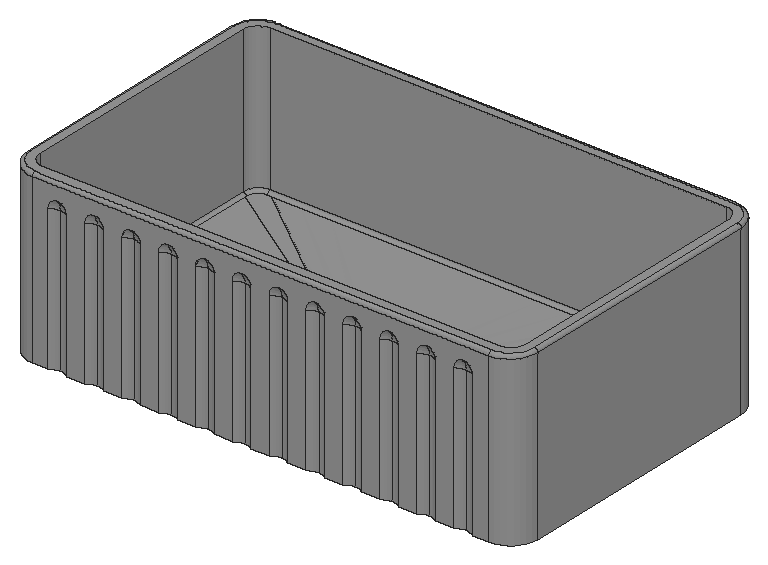
Revit family "BUILDMAT-SFFSSW07-Elodie-Farmhouse-Fireclay-Sink-Gloss_White-Face_Based", category Generic Models, host Face, Revit 2026
Family settings
  Host = Face
  Can host rebar = No
  Round Connector Dimension = Use Diameter
  Part Type = Normal
  Cut with Voids When Loaded = No
  Maintain Annotation Orientation = No
  Shared = No
  Room Calculation Point = No
Parameters
  Undermount [instance] = 20 mm
  Default Elevation = 1219.2 mm
Reference planes
  plane 1 "Center (Front/Back)": y = 0
  plane 2: z = 0
  plane 3 "Center (Left/Right)": x = 0
  plane 4: y = 229.5
  plane 5: y = 211.5
  plane 6: y = -211.5
  plane 7: y = -229.5
  plane 8: z = -274
  plane 9: z = -250
  plane 10: z = -240
  plane 11: y = 65
  plane 12: y = 45
  plane 13: y = -45
  plane 14: y = -65
  plane 15: x = -380
  plane 16: x = -362
  plane 17: x = 362
  plane 18: x = 380
  plane 19: x = -65
  plane 20: x = -45
  plane 21: x = 45
  plane 22: x = 65
Forms (mm)
  Extrusion 1, void
    sketch origin (0, 0, 0) x (1, 0, 0) y (0, 1, 0)
      loop
        arc (-340, 229.5) -> (-368.284, 217.784) -> (-380, 189.5) r 40
        line (-380, 189.5) -> (-380, -189.5)
        arc (-380, -189.5) -> (-368.284, -217.784) -> (-340, -229.5) r 40
        line (-340, -229.5) -> (340, -229.5)
        arc (340, -229.5) -> (368.284, -217.784) -> (380, -189.5) r 40
        line (380, -189.5) -> (380, 189.5)
        arc (380, 189.5) -> (368.284, 217.784) -> (340, 229.5) r 40
        line (340, 229.5) -> (-340, 229.5)
    from -290 to 0
Text (mm)
  text "Refer to www.buildmat.com.au for the most current product literature. \nAllow a +/- 5mm tolerance for dimensions shown in the product literature. \nPlease note product details are subject to change due to ongoing product development." at (14.796, -1077.528, 0), in view "Ref. Level"
Dimensions and locks
  "Undermount": host face to nested 1
  nested 1 to nested 1 = 760 mm
  nested 1 to nested 1 = 724 mm
  nested 1 to nested 1 = 459 mm
  nested 1 to nested 1 = 423 mm
  nested 1 to plane 8 = 254 mm
  nested 1 to nested 1 = 230 mm
  nested 1 to nested 1 = 220 mm
  nested 1 to nested 1 = 130 mm
  nested 1 to nested 1 = 90 mm
  aligned and locked: plane 2 to host face
  aligned and locked: level to host face
Automatic sketch dimensions
  host sketch curve to host sketch curve = 2438.4 mm  (x2)
  plane 1 "Center (Front/Back)" to Extrusion 1 sketch curve = 189.5 mm
  Extrusion 1 sketch curve to plane 3 "Center (Left/Right)" = 380 mm
  Extrusion 1 sketch curve to Extrusion 1 sketch curve = 40 mm  (x3)
  plane 3 "Center (Left/Right)" to Extrusion 1 sketch curve = 340 mm  (x2)
  Extrusion 1 sketch curve to plane 1 "Center (Front/Back)" = 189.5 mm
Nested families
  nested 1: "BUILDMAT-SFFSSW07-Elodie-Farmhouse-Fireclay-Sink-Gloss_White" at (0, 0, -20), type "BUILDMAT-SFFSSW07-Elodie-Farmhouse-Fireclay-Sink-Gloss_White"
Definition of nested family "BUILDMAT-SFFSSW07-Elodie-Farmhouse-Fireclay-Sink-Gloss_White"
  Parameters (values of type "BUILDMAT-SFFSSW07-Elodie-Farmhouse-Fireclay-Sink-Gloss_White")
    Width = 459 mm
    Material = none
    Length = 760 mm
    Depth = 254 mm
    Default Elevation = 0 mm
  Reference planes
    plane 1 "Center (Front/Back)": y = 0
    plane 2: z = 0
    plane 3 "Center (Left/Right)": x = 0
    plane 4: x = -380
    plane 5: x = -362
    plane 6: x = 362
    plane 7: x = 380
    plane 8: y = 229.5
    plane 9: y = 211.5
    plane 10: y = -211.5
    plane 11: y = -229.5
    plane 12: z = -254
    plane 13: x = -65
    plane 14: x = 65
    plane 15: z = -230
    plane 16: z = -220
    plane 17: x = 45
    plane 18: x = -45
    plane 19: y = 65
    plane 20: y = 45
    plane 21: y = -45
    plane 22: y = -65
  Forms (mm)
    Extrusion 1, solid, material <- "Material"
      sketch origin (0, 0, 20) x (1, 0, 0) y (0, 1, 0)
        loop
          arc (-340, 229.5) -> (-368.284, 217.784) -> (-380, 189.5) r 40
          line (-380, 189.5) -> (-380, -189.5)
          arc (-380, -189.5) -> (-368.284, -217.784) -> (-340, -229.5) r 40
          line (-340, -229.5) -> (340, -229.5)
          arc (340, -229.5) -> (368.284, -217.784) -> (380, -189.5) r 40
          line (380, -189.5) -> (380, 189.5)
          arc (380, 189.5) -> (368.284, 217.784) -> (340, 229.5) r 40
          line (340, 229.5) -> (-340, 229.5)
      from -274 to -20
    Extrusion 2, void
      sketch origin (0, 0, 20) x (1, 0, 0) y (0, 1, 0)
        loop
          line (340, 211.5) -> (-340, 211.5)
          arc (-340, 211.5) -> (-355.556, 205.056) -> (-362, 189.5) r 22
          line (-362, 189.5) -> (-362, -189.5)
          arc (-362, -189.5) -> (-355.556, -205.056) -> (-340, -211.5) r 22
          line (-340, -211.5) -> (340, -211.5)
          arc (340, -211.5) -> (355.556, -205.056) -> (362, -189.5) r 22
          line (362, -189.5) -> (362, 189.5)
          arc (362, 189.5) -> (355.556, 205.056) -> (340, 211.5) r 22
      from -240 to 0
    Blend 3, void
      base sketch origin (0, 0, 20) x (1, 0, 0) y (0, 1, 0)
        loop
          circle (0, 0) r 65
      top sketch origin (0, 0, 20) x (1, 0, 0) y (0, 1, 0)
        loop
          line (-362, 189.5) -> (-362, -189.5)
          arc (-362, -189.5) -> (-355.556, -205.056) -> (-340, -211.5) r 22
          line (-340, -211.5) -> (340, -211.5)
          arc (340, -211.5) -> (355.556, -205.056) -> (362, -189.5) r 22
          line (362, -189.5) -> (362, 189.5)
          arc (362, 189.5) -> (355.556, 205.056) -> (340, 211.5) r 22
          line (340, 211.5) -> (-340, 211.5)
          arc (-340, 211.5) -> (-355.556, 205.056) -> (-362, 189.5) r 22
      from -250 to -240
    Revolve 4, void
      sketch origin (0, 0, -10) x (1, 0, 0) y (0, 0, 1)
        loop
          line (0, -220) -> (-65, -220)
          arc (-65, -220) -> (-50.858, -225.858) -> (-45, -240) r 20
          line (-45, -240) -> (-45, -244) -> (0, -244) -> (0, -220)
        axis (0, -244) -> (0, -220)
      angle from 0 to 360
    Sweep 5, void
      path in 3D
        loop
          arc (380, 189.5, 0) -> (368.284, 217.784, 0) -> (340, 229.5, 0) r 40
          line (340, 229.5, 0) -> (-340, 229.5, 0)
          arc (-340, 229.5, 0) -> (-368.284, 217.784, 0) -> (-380, 189.5, 0) r 40
          line (-380, 189.5, 0) -> (-380, -189.5, 0)
          arc (-380, -189.5, 0) -> (-368.284, -217.784, 0) -> (-340, -229.5, 0) r 40
          line (-340, -229.5, 0) -> (340, -229.5, 0)
          arc (340, -229.5, 0) -> (368.284, -217.784, 0) -> (380, -189.5, 0) r 40
          line (380, -189.5, 0) -> (380, 189.5, 0)
      profile origin (380, 0, 0) x (-1, 0, 0) y (0, 0, 1)
        loop
          line (0, 0) -> (0, -5)
          arc (0, -5) -> (1.464, -1.464) -> (5, 0) r 5
          line (5, 0) -> (0, 0)
    Revolve 6, void
      sketch origin (-303.75, 2.667, 19.102) x (0, 1, 0) y (0, 0, 1)
        loop
          line (-249.167, -273.102) -> (-227.167, -273.102) -> (-227.167, -58.318)
          arc (-227.167, -58.318) -> (-233.611, -42.762) -> (-249.167, -36.318) r 22
          line (-249.167, -36.318) -> (-249.167, -273.102)
        axis (-249.167, -36.318) -> (-249.167, -273.102)
      angle from 0 to 360
    Revolve 7, void
      sketch origin (-248.75, 2.667, 19.102) x (0, 1, 0) y (0, 0, 1)
        loop
          line (-249.167, -273.102) -> (-227.167, -273.102) -> (-227.167, -58.318)
          arc (-227.167, -58.318) -> (-233.611, -42.762) -> (-249.167, -36.318) r 22
          line (-249.167, -36.318) -> (-249.167, -273.102)
        axis (-249.167, -36.318) -> (-249.167, -273.102)
      angle from 0 to 360
    Revolve 8, void
      sketch origin (-193.75, 2.667, 19.102) x (0, 1, 0) y (0, 0, 1)
        loop
          line (-249.167, -273.102) -> (-227.167, -273.102) -> (-227.167, -58.318)
          arc (-227.167, -58.318) -> (-233.611, -42.762) -> (-249.167, -36.318) r 22
          line (-249.167, -36.318) -> (-249.167, -273.102)
        axis (-249.167, -36.318) -> (-249.167, -273.102)
      angle from 0 to 360
    Revolve 9, void
      sketch origin (-138.75, 2.667, 19.102) x (0, 1, 0) y (0, 0, 1)
        loop
          line (-249.167, -273.102) -> (-227.167, -273.102) -> (-227.167, -58.318)
          arc (-227.167, -58.318) -> (-233.611, -42.762) -> (-249.167, -36.318) r 22
          line (-249.167, -36.318) -> (-249.167, -273.102)
        axis (-249.167, -36.318) -> (-249.167, -273.102)
      angle from 0 to 360
    Revolve 10, void
      sketch origin (-83.75, 2.667, 19.102) x (0, 1, 0) y (0, 0, 1)
        loop
          line (-249.167, -273.102) -> (-227.167, -273.102) -> (-227.167, -58.318)
          arc (-227.167, -58.318) -> (-233.611, -42.762) -> (-249.167, -36.318) r 22
          line (-249.167, -36.318) -> (-249.167, -273.102)
        axis (-249.167, -36.318) -> (-249.167, -273.102)
      angle from 0 to 360
    Revolve 11, void
      sketch origin (-28.75, 2.667, 19.102) x (0, 1, 0) y (0, 0, 1)
        loop
          line (-249.167, -273.102) -> (-227.167, -273.102) -> (-227.167, -58.318)
          arc (-227.167, -58.318) -> (-233.611, -42.762) -> (-249.167, -36.318) r 22
          line (-249.167, -36.318) -> (-249.167, -273.102)
        axis (-249.167, -36.318) -> (-249.167, -273.102)
      angle from 0 to 360
    Revolve 12, void
      sketch origin (26.25, 2.667, 19.102) x (0, 1, 0) y (0, 0, 1)
        loop
          line (-249.167, -273.102) -> (-227.167, -273.102) -> (-227.167, -58.318)
          arc (-227.167, -58.318) -> (-233.611, -42.762) -> (-249.167, -36.318) r 22
          line (-249.167, -36.318) -> (-249.167, -273.102)
        axis (-249.167, -36.318) -> (-249.167, -273.102)
      angle from 0 to 360
    Revolve 13, void
      sketch origin (81.25, 2.667, 19.102) x (0, 1, 0) y (0, 0, 1)
        loop
          line (-249.167, -273.102) -> (-227.167, -273.102) -> (-227.167, -58.318)
          arc (-227.167, -58.318) -> (-233.611, -42.762) -> (-249.167, -36.318) r 22
          line (-249.167, -36.318) -> (-249.167, -273.102)
        axis (-249.167, -36.318) -> (-249.167, -273.102)
      angle from 0 to 360
    Revolve 14, void
      sketch origin (136.25, 2.667, 19.102) x (0, 1, 0) y (0, 0, 1)
        loop
          line (-249.167, -273.102) -> (-227.167, -273.102) -> (-227.167, -58.318)
          arc (-227.167, -58.318) -> (-233.611, -42.762) -> (-249.167, -36.318) r 22
          line (-249.167, -36.318) -> (-249.167, -273.102)
        axis (-249.167, -36.318) -> (-249.167, -273.102)
      angle from 0 to 360
    Revolve 15, void
      sketch origin (191.25, 2.667, 19.102) x (0, 1, 0) y (0, 0, 1)
        loop
          line (-249.167, -273.102) -> (-227.167, -273.102) -> (-227.167, -58.318)
          arc (-227.167, -58.318) -> (-233.611, -42.762) -> (-249.167, -36.318) r 22
          line (-249.167, -36.318) -> (-249.167, -273.102)
        axis (-249.167, -36.318) -> (-249.167, -273.102)
      angle from 0 to 360
    Revolve 16, void
      sketch origin (246.25, 2.667, 19.102) x (0, 1, 0) y (0, 0, 1)
        loop
          line (-249.167, -273.102) -> (-227.167, -273.102) -> (-227.167, -58.318)
          arc (-227.167, -58.318) -> (-233.611, -42.762) -> (-249.167, -36.318) r 22
          line (-249.167, -36.318) -> (-249.167, -273.102)
        axis (-249.167, -36.318) -> (-249.167, -273.102)
      angle from 0 to 360
    Revolve 17, void
      sketch origin (301.25, 2.667, 19.102) x (0, 1, 0) y (0, 0, 1)
        loop
          line (-249.167, -273.102) -> (-227.167, -273.102) -> (-227.167, -58.318)
          arc (-227.167, -58.318) -> (-233.611, -42.762) -> (-249.167, -36.318) r 22
          line (-249.167, -36.318) -> (-249.167, -273.102)
        axis (-249.167, -36.318) -> (-249.167, -273.102)
      angle from 0 to 360
    Sweep 18, solid, material <- "Material"
      path in 3D
        loop
          arc (362, -189.5, -220) -> (355.556, -205.056, -220) -> (340, -211.5, -220) r 22
          line (340, -211.5, -220) -> (-340, -211.5, -220)
          arc (-340, -211.5, -220) -> (-355.556, -205.056, -220) -> (-362, -189.5, -220) r 22
          line (-362, -189.5, -220) -> (-362, 189.5, -220)
          arc (-362, 189.5, -220) -> (-355.556, 205.056, -220) -> (-340, 211.5, -220) r 22
          line (-340, 211.5, -220) -> (340, 211.5, -220)
          arc (340, 211.5, -220) -> (355.556, 205.056, -220) -> (362, 189.5, -220) r 22
          line (362, 189.5, -220) -> (362, -189.5, -220)
      profile origin (362, 0, -220) x (0, 0, 1) y (-1, 0, 0)
        loop
          line (0, 0) -> (5, 0)
          arc (5, 0) -> (1.356, 1.403) -> (-0.168, 4.997) r 5
          line (-0.168, 4.997) -> (0, 0)
  Cuts and joins
    Extrusion 2, Blend 3, Revolve 4, Sweep 5, Revolve 6, Revolve 7, Revolve 8, Revolve 9, Revolve 10, Revolve 11, Revolve 12, Revolve 13, Revolve 14, Revolve 15, Revolve 16, Revolve 17 cuts Extrusion 1
  Lines and regions (mm)
    sketch lines
      curve 1: line (380, -189.5, 0) -> (380, 189.5, 0)
      curve 2: arc (380, -189.5, 0) -> (368.284, -217.784, 0) -> (340, -229.5, 0) r 40
      curve 3: line (-340, -229.5, 0) -> (340, -229.5, 0)
      curve 4: arc (-340, -229.5, 0) -> (-368.284, -217.784, 0) -> (-380, -189.5, 0) r 40
      curve 5: line (340, 229.5, 0) -> (-340, 229.5, 0)
      curve 6: arc (340, 229.5, 0) -> (368.284, 217.784, 0) -> (380, 189.5, 0) r 40
      curve 7: arc (-380, 189.5, 0) -> (-368.284, 217.784, 0) -> (-340, 229.5, 0) r 40
      curve 8: line (-380, 189.5, 0) -> (-380, -189.5, 0)
      curve 9: line (362, 189.5, -220) -> (362, -189.5, -220)
      curve 10: arc (340, 211.5, -220) -> (355.556, 205.056, -220) -> (362, 189.5, -220) r 22
      curve 11: line (-340, 211.5, -220) -> (340, 211.5, -220)
      curve 12: line (-362, -189.5, -220) -> (-362, 189.5, -220)
      curve 13: arc (-340, -211.5, -220) -> (-355.556, -205.056, -220) -> (-362, -189.5, -220) r 22
      curve 14: line (340, -211.5, -220) -> (-340, -211.5, -220)
      curve 15: arc (-362, 189.5, -220) -> (-355.556, 205.056, -220) -> (-340, 211.5, -220) r 22
      curve 16: arc (362, -189.5, -220) -> (355.556, -205.056, -220) -> (340, -211.5, -220) r 22
  Text (mm)
    text "Refer to www.buildmat.com.au for the most current product literature. \nAllow a +/- 5mm tolerance for dimensions shown in the product literature. \nPlease note product details are subject to change due to ongoing product development." at (14.796, -818.46, 0), in view "Ref. Level"
  Dimensions and locks
    "Length": cut or joined group 1 (Extrusion 1, Extrusion 2, Blend 3, Revolve 4, Sweep 5, Revolve 6, Revolve 7, Revolve 8, Revolve 9, Revolve 10, Revolve 11, Revolve 12, Revolve 13, Revolve 14, Revolve 15, Revolve 16, Revolve 17) to cut or joined group 1
    cut or joined group 1 to cut or joined group 1 = 724 mm
    "Width": cut or joined group 1 to cut or joined group 1
    cut or joined group 1 to cut or joined group 1 = 423 mm
    "Depth": cut or joined group 1 to cut or joined group 1
    cut or joined group 1 to Sweep 18 = 220 mm
    cut or joined group 1 to cut or joined group 1 = 230 mm
    cut or joined group 1 to cut or joined group 1 = 130 mm
    cut or joined group 1 to cut or joined group 1 = 90 mm
    aligned and locked: level to plane 2
  Automatic sketch dimensions
    Extrusion 1 sketch curve to plane 4 = 0 mm
    Extrusion 1 sketch curve to plane 11 = 0 mm
    Extrusion 1 sketch curve to plane 8 = 0 mm
    Extrusion 1 sketch curve to plane 7 = 0 mm
    Extrusion 1 sketch curve to plane 5 = 22 mm  (x2)
    plane 6 to Extrusion 1 sketch curve = 22 mm  (x2)
    Extrusion 2 sketch curve to plane 5 = 0 mm
    Extrusion 2 sketch curve to plane 10 = 0 mm
    Extrusion 2 sketch curve to plane 9 = 0 mm
    Extrusion 2 sketch curve to plane 6 = 0 mm
    Extrusion 2 sketch curve to plane 5 = 22 mm  (x2)
    plane 6 to Extrusion 2 sketch curve = 22 mm  (x2)
    plane 1 "Center (Front/Back)" to Blend 3 sketch curve = 0 mm
    Blend 3 sketch curve to plane 3 "Center (Left/Right)" = 0 mm
    Blend 3 sketch curve to plane 5 = 0 mm
    Blend 3 sketch curve to plane 10 = 0 mm
    Blend 3 sketch curve to plane 9 = 0 mm
    Blend 3 sketch curve to plane 6 = 0 mm
    Blend 3 sketch curve to plane 5 = 22 mm  (x2)
    plane 6 to Blend 3 sketch curve = 22 mm  (x2)
    Revolve 4 sketch curve to plane 3 "Center (Left/Right)" = 0 mm  (x2)
    Revolve 4 sketch curve to Revolve 4 sketch curve = 45 mm
    Revolve 4 sketch curve to Revolve 4 sketch curve = 20 mm
    Revolve 4 sketch curve to level = 254 mm
    Revolve 4 sketch curve to Revolve 4 sketch curve = 4 mm
    Revolve 4 sketch curve to Revolve 4 sketch curve = 0 mm
    Revolve 4 sketch curve to Revolve 4 sketch curve = 8 mm
    Sweep 5 sketch curve to profile plane = 0 mm  (x2)
    Sweep 5 sketch curve to profile plane = 5 mm
    Revolve 6 sketch curve to plane 11 = 17 mm  (x3)
    plane 11 to Revolve 6 sketch curve = 5 mm
    Revolve 6 sketch curve to level = 254 mm
    Revolve 6 sketch curve to level = 39.216 mm
    Revolve 6 sketch curve to Revolve 6 sketch curve = 19.102 mm
    Revolve 6 sketch curve to Revolve 6 sketch curve = 0 mm  (x2)
    Revolve 7 sketch curve to plane 11 = 17 mm  (x3)
    plane 11 to Revolve 7 sketch curve = 5 mm
    Revolve 7 sketch curve to level = 254 mm
    Revolve 7 sketch curve to level = 39.216 mm
    Revolve 7 sketch curve to Revolve 7 sketch curve = 19.102 mm
    Revolve 7 sketch curve to Revolve 7 sketch curve = 0 mm  (x2)
    Revolve 8 sketch curve to plane 11 = 17 mm  (x3)
    plane 11 to Revolve 8 sketch curve = 5 mm
    Revolve 8 sketch curve to level = 254 mm
    Revolve 8 sketch curve to level = 39.216 mm
    Revolve 8 sketch curve to Revolve 8 sketch curve = 19.102 mm
    Revolve 8 sketch curve to Revolve 8 sketch curve = 0 mm  (x2)
    Revolve 9 sketch curve to plane 11 = 17 mm  (x3)
    plane 11 to Revolve 9 sketch curve = 5 mm
    Revolve 9 sketch curve to level = 254 mm
    Revolve 9 sketch curve to level = 39.216 mm
    Revolve 9 sketch curve to Revolve 9 sketch curve = 19.102 mm
    Revolve 9 sketch curve to Revolve 9 sketch curve = 0 mm  (x2)
    Revolve 10 sketch curve to plane 11 = 17 mm  (x3)
    plane 11 to Revolve 10 sketch curve = 5 mm
    Revolve 10 sketch curve to level = 254 mm
    Revolve 10 sketch curve to level = 39.216 mm
    Revolve 10 sketch curve to Revolve 10 sketch curve = 19.102 mm
    Revolve 10 sketch curve to Revolve 10 sketch curve = 0 mm  (x2)
    Revolve 11 sketch curve to plane 11 = 17 mm  (x3)
    plane 11 to Revolve 11 sketch curve = 5 mm
    Revolve 11 sketch curve to level = 254 mm
    Revolve 11 sketch curve to level = 39.216 mm
    Revolve 11 sketch curve to Revolve 11 sketch curve = 19.102 mm
    Revolve 11 sketch curve to Revolve 11 sketch curve = 0 mm  (x2)
    Revolve 12 sketch curve to plane 11 = 17 mm  (x3)
    plane 11 to Revolve 12 sketch curve = 5 mm
    Revolve 12 sketch curve to level = 254 mm
    Revolve 12 sketch curve to level = 39.216 mm
    Revolve 12 sketch curve to Revolve 12 sketch curve = 19.102 mm
    Revolve 12 sketch curve to Revolve 12 sketch curve = 0 mm  (x2)
    Revolve 13 sketch curve to plane 11 = 17 mm  (x3)
    plane 11 to Revolve 13 sketch curve = 5 mm
    Revolve 13 sketch curve to level = 254 mm
    Revolve 13 sketch curve to level = 39.216 mm
    Revolve 13 sketch curve to Revolve 13 sketch curve = 19.102 mm
    Revolve 13 sketch curve to Revolve 13 sketch curve = 0 mm  (x2)
    Revolve 14 sketch curve to plane 11 = 17 mm  (x3)
    plane 11 to Revolve 14 sketch curve = 5 mm
    Revolve 14 sketch curve to level = 254 mm
    Revolve 14 sketch curve to level = 39.216 mm
    Revolve 14 sketch curve to Revolve 14 sketch curve = 19.102 mm
    Revolve 14 sketch curve to Revolve 14 sketch curve = 0 mm  (x2)
    Revolve 15 sketch curve to plane 11 = 17 mm  (x3)
    plane 11 to Revolve 15 sketch curve = 5 mm
    Revolve 15 sketch curve to level = 254 mm
    Revolve 15 sketch curve to level = 39.216 mm
    Revolve 15 sketch curve to Revolve 15 sketch curve = 19.102 mm
    Revolve 15 sketch curve to Revolve 15 sketch curve = 0 mm  (x2)
    Revolve 16 sketch curve to plane 11 = 17 mm  (x3)
    plane 11 to Revolve 16 sketch curve = 5 mm
    Revolve 16 sketch curve to level = 254 mm
    Revolve 16 sketch curve to level = 39.216 mm
    Revolve 16 sketch curve to Revolve 16 sketch curve = 19.102 mm
    Revolve 16 sketch curve to Revolve 16 sketch curve = 0 mm  (x2)
    Revolve 17 sketch curve to plane 11 = 17 mm  (x3)
    plane 11 to Revolve 17 sketch curve = 5 mm
    Revolve 17 sketch curve to level = 254 mm
    Revolve 17 sketch curve to level = 39.216 mm
    Revolve 17 sketch curve to Revolve 17 sketch curve = 19.102 mm
    Revolve 17 sketch curve to Revolve 17 sketch curve = 0 mm  (x2)
    Sweep 18 sketch curve to profile plane = 0 mm
    profile plane to Sweep 18 sketch curve = 0 mm
    profile plane to Sweep 18 sketch curve = 0.168 mm
    Sweep 18 sketch curve to profile plane = 4.832 mm
    Sweep 18 sketch curve to Sweep 18 sketch curve = 0.168 mm
    radius of Blend 3 sketch curve = 65 mm
